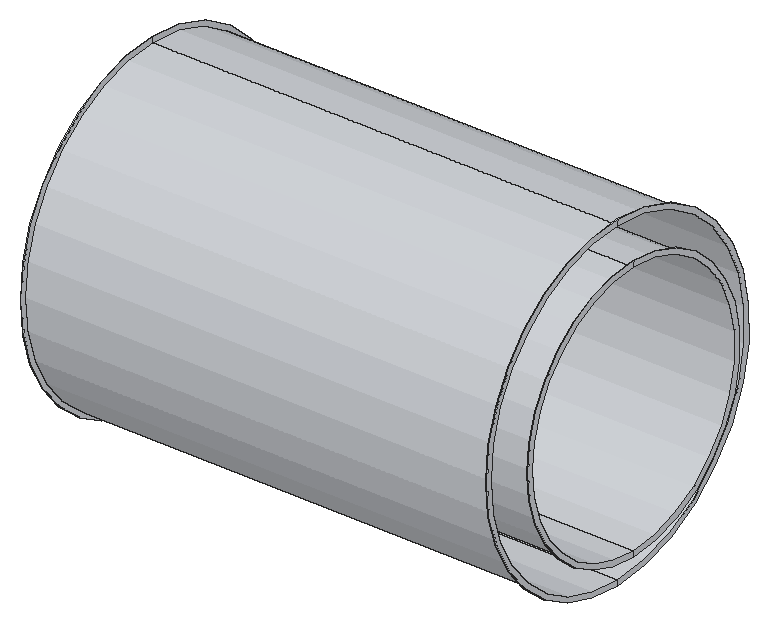
Revit family
Parameters (values of type "DW2447DWAJD-3")
  WALLTHICK = 9/256"  # constant formula
  OFFSET2 = 3"
  OFFSET = 1 1/2"  # constant formula
  Model = "DW2447DWAJD-3"
  Manufacturer = "CaptiveAire"
  FLANGETHICK = 1/16"
  FLANGERAD = DUCTINSIDERAD + 1/2"  # 12 1/2"
  FLANGEDIA = FLANGERAD * 2  # 25"
  Description = "24\" x 47\" Double Adjustable Horizontal"
  DWFLANGERAD = DWDUCTINSIDERAD + 1/2"  # 15 1/2"
  DWDUCTRAD = DWDUCTINSIDERAD + WALLTHICK  # 15 9/256"
  DWDUCTINSIDERAD = DUCTINSIDERAD + OFFSET2  # 15"
  DUCTRAD = (DUCTDIA / 2)  # 12 9/256"
  DUCTINSIDERAD = 12"
  DUCTLENGTH/2 [instance] = DUCTLENGTH / 2  # 23 1/2"
  DUCTLENGTH [instance] = 47"
  DUCTDIA = (DUCTINSIDERAD + WALLTHICK) * 2  # 24 9/128"
Types (14): name | OFFSET2 | Model | FLANGERAD | FLANGEDIA | Description | DWFLANGERAD | DWDUCTRAD | DWDUCTINSIDERAD | DUCTRAD | DUCTINSIDERAD | DUCTDIA
  (no name) | 3" | "DW2447DWAJD-3" | 12 1/2" | 25" | "24\" x 47\" Double Adjustable Horizontal" | 15 1/2" | 15 9/256" | 15" | 12 9/256" | 12" | 24 9/128"
  DW0847DWAJD-3 | 3" | "DW0847DWAJD-3" | 4 1/2" | 9" | "8\" x 47\" Double Adjustable Horizontal" | 7 1/2" | 7 9/256" | 7" | 4 9/256" | 4" | 8 9/128"
  DW0847DWAJD-2 | 2" | "DW0847DWAJD-2" | 4 1/2" | 9" | "8\" x 47\" Double Adjustable Horizontal" | 6 1/2" | 6 9/256" | 6" | 4 9/256" | 4" | 8 9/128"
  DW1047DWAJD-3 | 3" | "DW1047DWAJD-3" | 5 1/2" | 11" | "10\" x 47\" Double Adjustable Horizontal" | 8 1/2" | 8 9/256" | 8" | 5 9/256" | 5" | 10 9/128"
  DW1047DWAJD-2 | 2" | "DW1047DWAJD-2" | 5 1/2" | 11" | "10\" x 47\" Double Adjustable Horizontal" | 7 1/2" | 7 9/256" | 7" | 5 9/256" | 5" | 10 9/128"
  DW1247DWAJD-3 | 3" | "DW1247DWAJD-3" | 6 1/2" | 13" | "12\" x 47\" Double Adjustable Horizontal" | 9 1/2" | 9 9/256" | 9" | 6 9/256" | 6" | 12 9/128"
  DW1247DWAJD-2 | 2" | "DW1247DWAJD-2" | 6 1/2" | 13" | "12\" x 47\" Double Adjustable Horizontal" | 8 1/2" | 8 9/256" | 8" | 6 9/256" | 6" | 12 9/128"
  DW1447DWAJD-3 | 3" | "DW1447DWAJD-3" | 7 1/2" | 15" | "14\" x 47\" Double Adjustable Horizontal" | 10 1/2" | 10 9/256" | 10" | 7 9/256" | 7" | 14 9/128"
  DW1447DWAJD-2 | 2" | "DW1447DWAJD-2" | 7 1/2" | 15" | "14\" x 47\" Double Adjustable Horizontal" | 9 1/2" | 9 9/256" | 9" | 7 9/256" | 7" | 14 9/128"
  DW1647DWAJD-2 | 2" | "DW1647DWAJD-2" | 8 1/2" | 17" | "16\" x 47\" Double Adjustable Horizontal" | 10 1/2" | 10 9/256" | 10" | 8 9/256" | 8" | 16 9/128"
  DW1647DWAJD-3 | 3" | "DW1647DWAJD-3" | 8 1/2" | 17" | "16\" x 47\" Double Adjustable Horizontal" | 11 1/2" | 11 9/256" | 11" | 8 9/256" | 8" | 16 9/128"
  DW1847DWAJD-3 | 3" | "DW1847DWAJD-3" | 9 1/2" | 19" | "18\" x 47\" Double Adjustable Horizontal" | 12 1/2" | 12 9/256" | 12" | 9 9/256" | 9" | 18 9/128"
  DW2047DWAJD-3 | 3" | "DW2047DWAJD-3" | 10 1/2" | 21" | "20\" x 47\" Double Adjustable Horizontal" | 13 1/2" | 13 9/256" | 13" | 10 9/256" | 10" | 20 9/128"
  DW2447DWAJD-3 | 3" | "DW2447DWAJD-3" | 12 1/2" | 25" | "24\" x 47\" Double Adjustable Horizontal" | 15 1/2" | 15 9/256" | 15" | 12 9/256" | 12" | 24 9/128"
Reference planes (in)
  plane 1 "Center (Front/Back)": y = 0
  plane 2: z = 0
  plane 3 "Center (Left/Right)": x = -2.08434
  plane 4: x = -49.08434
  plane 5: z = 12.03516
  plane 6: z = -12.5
  plane 7: z = -12.03516
  plane 8: z = 12.5
  plane 9: z = 12
  plane 10: x = -2.14684
  plane 11: x = -49.02184
  plane 12: z = -12
  plane 13: x = -25.58434
  plane 14: z = 15
  plane 15: z = 15.5
  plane 16: z = 15.03516
  plane 17: x = -3.58434
  plane 18: x = -47.58434
  plane 19: x = -47.52184
  plane 20: x = -3.64684
Forms (in)
  Revolve 1, solid
    sketch origin (0, 0, 0) x (1, 0, 0) y (0, 0, 1)
      loop
        line (-49.08434, 12.5) -> (-49.08434, 12) -> (-2.08434, 12) -> (-2.08434, 12.5) -> (-2.14684, 12.5) -> (-2.14684, 12.03516) -> (-49.02184, 12.03516) -> (-49.02184, 12.5) -> (-49.08434, 12.5)
      axis (-2.08434, 0) -> (-49.08434, 0)
    angle from 0 to 360
  Revolve 2, solid
    sketch origin (0, 0, 0) x (1, 0, 0) y (0, 0, 1)
      loop
        line (-47.58434, 15.5) -> (-47.58434, 15) -> (-3.58434, 15) -> (-3.58434, 15.5) -> (-3.64684, 15.5) -> (-3.64684, 15.03516) -> (-47.52184, 15.03516) -> (-47.52184, 15.5) -> (-47.58434, 15.5)
      axis (-47.58434, 0) -> (-3.58434, 0)
    angle from 0 to 360
Dimensions and locks (in)
  "FLANGEDIA": plane 8 to plane 6
  "DUCTDIA": plane 7 to plane 5
  "WALLTHICK": plane 9 to plane 5
  "WALLTHICK": plane 12 to plane 7
  "FLANGETHICK": plane 11 to plane 4
  equal spacing: plane 5, level, plane 7
  equal spacing: plane 8, level, plane 6
  "FLANGETHICK": plane 3 "Center (Left/Right)" to plane 10
  "DUCTLENGTH": plane 3 "Center (Left/Right)" to plane 4
  "DUCTLENGTH/2": plane 3 "Center (Left/Right)" to plane 13
  "OFFSET": plane 3 "Center (Left/Right)" to plane 17
  "OFFSET": plane 4 to plane 18
  "DWDUCTINSIDERAD": plane 14 to level
  "DWDUCTRAD": plane 16 to level
  "DWFLANGERAD": plane 15 to level
  "FLANGETHICK": plane 18 to plane 19
  "FLANGETHICK": plane 17 to plane 20
  aligned and locked: level to Revolve 1 sketch curve
  aligned and locked: Revolve 1 sketch curve to plane 9
  aligned and locked: Revolve 1 sketch curve to plane 5
  aligned and locked: plane 3 "Center (Left/Right)" to Revolve 1 sketch curve
  aligned and locked: Revolve 1 sketch curve to plane 10
  aligned and locked: Revolve 1 sketch curve to plane 8
  aligned and locked: plane 4 to Revolve 1 sketch curve
  aligned and locked: plane 11 to Revolve 1 sketch curve
  aligned and locked: plane 8 to Revolve 1 sketch curve
  aligned and locked: plane 17 to Revolve 2 sketch curve
  aligned and locked: Revolve 2 sketch curve to plane 20
  aligned and locked: Revolve 2 sketch curve to plane 14
  aligned and locked: plane 16 to Revolve 2 sketch curve
  aligned and locked: Revolve 2 sketch curve to plane 15  (x2)
  aligned and locked: plane 18 to Revolve 2 sketch curve
  aligned and locked: plane 19 to Revolve 2 sketch curve
  aligned and locked: Revolve 2 sketch curve to level
Automatic sketch dimensions
  plane 11 to Revolve 1 sketch curve = 11.22791"
  plane 13 to Revolve 1 sketch curve = 8.70959"
  plane 13 to Revolve 2 sketch curve = 9 3/16"
  Revolve 2 sketch curve to Revolve 2 sketch curve = 4"
